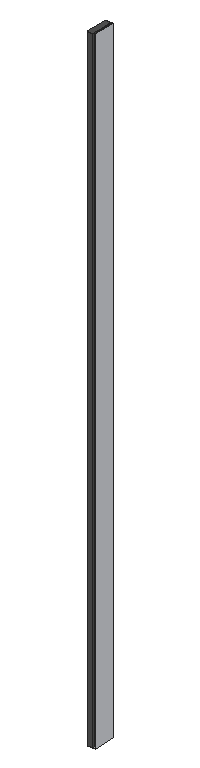
Revit family "Haworth_EncloseFrameless_Accessories_WallStart", category Furniture Systems, Revit 2018
Family settings
  Round Connector Dimension = Use Diameter
  Part Type = Normal
  OmniClass Number = 23.25.40.14
  OmniClass Title = Demountable Partitions
  Work Plane-Based = No
  Always vertical = Yes
  Cut with Voids When Loaded = No
  Shared = No
  Room Calculation Point = No
Parameters (values of type "Low Profile")
  Warranty = "http://www.haworth.com/resources/product-info/warranties"
  URL - Product = "http://www.haworth.com/products/architectural-interiors/moveable-walls/enclose"
  Type Comments = ""
  Sustainability Info = "http://www.haworth.com/company-info/sustainablility"
  Model = "Haworth - Enclose Frameless"  # constant formula
  Min/ Max Height = "84-144 in."  # constant formula
  Min. Height = 84"  # constant formula
  Max. Height = 144"  # constant formula
  Low Profile = not(Adjustable Profile)  # yes
  Description = "Accessories - Wall Start"  # constant formula
  Adjustable Width = if(Low Profile, 0.315", 0.82")  # 0.315"
  Material Options = "http://surfaces.haworth.com/"
  Width = if(Low Profile, 0.875", 1.42")  # 0.875"
  URL = "www.haworth.com"
  Revision Number = "3"  # constant formula
  Manufacturer = "Haworth"  # constant formula
  Height = 108"
  Depth = 4"  # constant formula
  Author = "SHAPE Environments, LLC"  # constant formula
  Assembly Code = "C1010200"
  Adjustable Profile = no
  Actual Height = if(Height < Min. Height, Min. Height, if(Height > Max. Height, Max. Height, Height))  # 108"
Types (2): name | Low Profile | Adjustable Width | Width | Adjustable Profile
  Low Profile | yes | 0.315" | 0.875" | no
  Adjustable | no | 0.82" | 1.42" | yes
Reference planes (in)
  plane 1 "Center F/B": y = 0.61031
  plane 2: z = 0
  plane 3 "Center L/R": x = 1.1802
  plane 4: y = 2.61031
  plane 5: y = -1.38969
  plane 6: x = 2.0552
  plane 7 "Top": z = 108
Forms (in)
  Extrusion 1, solid
    sketch origin (0, 0, 0) x (1, 0, 0) y (0, 1, 0)
      loop
        line (2.0552, 2.41031) -> (2.0552, -1.18969) -> (2.3702, -1.18969) -> (2.3702, 2.41031) -> (2.0552, 2.41031)
    from 0 to 108
  Extrusion 2, solid, material "Haworth _ Polymer _ Black"
    sketch origin (0, 0, 0) x (1, 0, 0) y (0, 1, 0)
      loop
        line (1.1802, 2.61031) -> (1.1802, 2.41531) -> (1.0252, 2.41531) -> (1.0252, -1.19469) -> (1.1802, -1.19469) -> (1.1802, -1.38969) -> (2.0552, -1.38969) -> (2.0552, 2.61031) -> (1.1802, 2.61031)
    from 0 to 108
Dimensions and locks (in)
  "Width": plane 3 "Center L/R" to plane 6
  "Depth": plane 4 to plane 5
  equal spacing: plane 4, plane 1 "Center F/B", plane 5
  "Height": plane 7 "Top" to plane 2
  "Actual Height": plane 7 "Top" to level
  locked: plane 4 to Extrusion 1 sketch curve at 0.2
  locked: Extrusion 1 sketch curve to plane 5 at 0.2
  "Adjustable Width": plane 6 to Extrusion 1
  locked: Extrusion 2 sketch curve to Extrusion 2 sketch curve at 0.155
  locked: Extrusion 2 sketch curve to Extrusion 2 sketch curve at 0.195  (x2)
  aligned and locked: plane 6 to Extrusion 1 sketch curve
  aligned and locked: plane 7 "Top" to Extrusion 1
  aligned and locked: Extrusion 2 sketch curve to plane 4
  aligned and locked: Extrusion 2 sketch curve to plane 5
  aligned and locked: Extrusion 2 sketch curve to plane 3 "Center L/R"  (x2)
  aligned and locked: plane 7 "Top" to Extrusion 2
Automatic sketch dimensions
  Extrusion 1 sketch curve to Extrusion 1 sketch curve = 0.315"
  Extrusion 2 sketch curve to plane 6 = 0"
